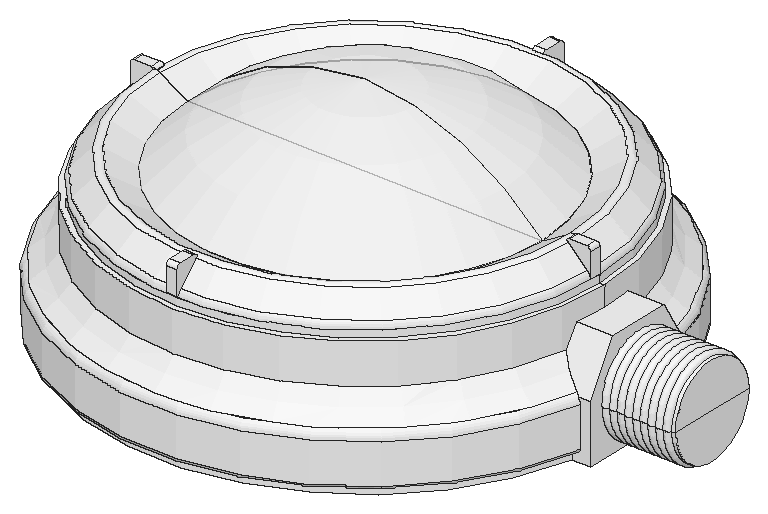
Revit family "BTWASP", category Communication Devices, host Face, Revit 2021
Family settings
  Host = Face
  Maintain Annotation Orientation = No
  Round Connector Dimension = Use Diameter
  Part Type = Normal
  OmniClass Number = 23.85.80.11.27
  OmniClass Title = Lighting Controls
  Cut with Voids When Loaded = No
  Shared = Yes
  Room Calculation Point = No
Parameters (values of type "BTWASP")
  Width = 4.00"
  Warranty = "5-Years Warranty"  # constant formula
  Type Comments = "Occupancy/ Vacancy Sensors and Controllers"  # constant formula
  Product Page URL = ""
  URL = "https://www.currentlighting.com/nxlightingcontrols"
  Power Requirements = "Line Voltage sensors: 120/277/347VAC, 60 Hz\r"  # constant formula
  Model = "BTWASP"  # constant formula
  Manufacturer = " NX Lighting Controls"  # constant formula
  Sensing Element = Glass -  White
  Features = "Wireless programming using HCS Control Bluetooth app\r\n• ON/OFF and 0-10V dimming control\r\n• Single/Dual motion sensor timer modes\r\n• Multiple daylight harvesting modes for indoor and outdoor applications\r\n• Interchangeable high/low area detection lens options\r\n• Low voltage and line voltage models available\r\n• Daylight sensor for daylight harvesting applications\r\n• Low temperature/water-tight/indoor-outdoor versions"  # constant formula
  Description = "BLUETOOTH® WASP SENSOR OCCUPANCY/VACANCY SENSORS AND CONTROLLERS"  # constant formula
  Default Elevation = 48.00"
  Coverage = "360°, 180°, Aisle, Half Aisle"  # constant formula
  Copyright = "Copyright ©  NX Lighting Controls"  # constant formula
  Contact Us = ""
  Housing Material = Paint - Matte White
  Certifications = "Conforms with UL STD 508, UL STD 244A\r\n• LWO version conforms to IP65"
  Assembly Code = "D5090"
Reference planes (in)
  plane 1 "Center (Front/Back)": y = 10.63342
  plane 2: z = 0
  plane 3 "Center (Left/Right)": x = 0
  plane 4: x = -2
  plane 5: x = 2
  plane 6: y = 12.63342
  plane 7: y = 8.63342
  plane 8: through (0.87749, -180, 1.95871) normal (0.7071, 0, 0.7071)
  plane 9: z = 1.5
Forms (in)
  Revolve 1, solid, material "Paint - Matte White" <- "Housing Material"
    sketch origin (0, 10.63342, 0) x (1, 0, 0) y (0, 0, 1)
      loop
        line (0, 0) -> (1.93821, 0) -> (1.93821, 0.06683) -> (1.97955, 0.06683)
        arc (1.97955, 0.06683) -> (1.99401, 0.07282) -> (2, 0.08728) r 0.02045
        line (2, 0.08728) -> (2, 0.38388)
        arc (2, 0.38388) -> (1.99014, 0.42292) -> (1.96293, 0.4526) r 0.08223
        arc (1.96293, 0.4526) -> (1.8637, 0.53245) -> (1.78157, 0.6298) r 0.66286
        line (1.78157, 0.6298) -> (1.78157, 0.92962) -> (0, 0.92962) -> (0, 0)
      axis (0, 0.92962) -> (0, 0)
    angle from 0 to 360
  Revolve 2, solid, material "Paint - Matte White" <- "Housing Material"
    sketch origin (0, 10.63342, 0) x (1, 0, 0) y (0, 0, 1)
      loop
        line (0, 0.92962) -> (1.74219, 0.92962) -> (1.74219, 0.98265)
        arc (1.74219, 0.98265) -> (1.73675, 1.01) -> (1.72125, 1.03319) r 0.07147
        line (1.72125, 1.03319) -> (1.5804, 1.17404)
        arc (1.5804, 1.17404) -> (1.55312, 1.1875) -> (1.52328, 1.18156) r 0.04732
        line (1.52328, 1.18156) -> (1.31627, 1.06204) -> (0, 1.06204) -> (0, 0.92962)
      axis (0, 1.18156) -> (0, 0.92962)
    angle from 0 to 360
  Revolve 3, solid, material "Glass -  White" <- "Sensing Element"
    sketch origin (0, 10.63342, 0) x (1, 0, 0) y (0, 0, 1)
      loop
        line (0, 1.05919) -> (1.31627, 1.05919)
        arc (1.31627, 1.05919) -> (0.72014, 1.49838) -> (0, 1.67058) r 1.86237
        line (0, 1.67058) -> (0, 1.05919)
      axis (0, 1.67058) -> (0, 1.05919)
    angle from 0 to 360
  Extrusion 4, solid, material "Paint - Matte White" <- "Housing Material"
    sketch origin (0, 10.63342, 0) x (1, 0, 0) y (0, 0, 1)
      loop
        arc (1.74157, 1.16813) -> (1.73241, 1.19025) -> (1.71028, 1.19941) r 0.03129
        line (1.71028, 1.19941) -> (1.5858, 1.19941)
        arc (1.5858, 1.19941) -> (1.56688, 1.19348) -> (1.55474, 1.17781) r 0.03314
        line (1.55474, 1.17781) -> (1.74157, 0.99097) -> (1.74157, 1.16813)
    from 0.08 to 0
  Extrusion 5, solid, material "Paint - Matte White" <- "Housing Material"
    sketch origin (0, 10.63342, 0) x (0, -1, 0) y (0, 0, 1)
      loop
        arc (1.74157, 1.16813) -> (1.73241, 1.19025) -> (1.71028, 1.19941) r 0.03129
        line (1.71028, 1.19941) -> (1.5858, 1.19941)
        arc (1.5858, 1.19941) -> (1.56688, 1.19348) -> (1.55474, 1.17781) r 0.03314
        line (1.55474, 1.17781) -> (1.74157, 0.99097) -> (1.74157, 1.16813)
    from 0.08 to 0
  Extrusion 6, solid, material "Paint - Matte White" <- "Housing Material"
    sketch origin (0, 10.63342, 0) x (-1, 0, 0) y (0, 0, 1)
      loop
        arc (1.74157, 1.16813) -> (1.73241, 1.19025) -> (1.71028, 1.19941) r 0.03129
        line (1.71028, 1.19941) -> (1.5858, 1.19941)
        arc (1.5858, 1.19941) -> (1.56688, 1.19348) -> (1.55474, 1.17781) r 0.03314
        line (1.55474, 1.17781) -> (1.74157, 0.99097) -> (1.74157, 1.16813)
    from 0.08 to 0
  Extrusion 7, solid, material "Paint - Matte White" <- "Housing Material"
    sketch origin (0, 10.63342, 0) x (0, 1, 0) y (0, 0, 1)
      loop
        arc (1.74157, 1.16813) -> (1.73241, 1.19025) -> (1.71028, 1.19941) r 0.03129
        line (1.71028, 1.19941) -> (1.5858, 1.19941)
        arc (1.5858, 1.19941) -> (1.56688, 1.19348) -> (1.55474, 1.17781) r 0.03314
        line (1.55474, 1.17781) -> (1.74157, 0.99097) -> (1.74157, 1.16813)
    from 0.08 to 0
  Revolve 8, solid, material "Paint - Matte White" <- "Housing Material"
    sketch origin (0, 0, 0.3715) x (1, 0, 0) y (0, 1, 0)
      loop
        line (1.87711, 10.63342) -> (2.57516, 10.63342) -> (2.57516, 10.97085) -> (2.54324, 10.97085)
        arc (2.54324, 10.97085) -> (2.51484, 10.99281) -> (2.48643, 10.97085) r 0.02935
        arc (2.48643, 10.97085) -> (2.45802, 10.99281) -> (2.42962, 10.97085) r 0.02935
        arc (2.42962, 10.97085) -> (2.40121, 10.99281) -> (2.3728, 10.97085) r 0.02935
        arc (2.3728, 10.97085) -> (2.34439, 10.99281) -> (2.31599, 10.97085) r 0.02935
        arc (2.31599, 10.97085) -> (2.28758, 10.99281) -> (2.25917, 10.97085) r 0.02935
        arc (2.25917, 10.97085) -> (2.23076, 10.99281) -> (2.20236, 10.97085) r 0.02935
        arc (2.20236, 10.97085) -> (2.17395, 10.99281) -> (2.14554, 10.97085) r 0.02935
        arc (2.14554, 10.97085) -> (2.11714, 10.99281) -> (2.08873, 10.97085) r 0.02935
        arc (2.08873, 10.97085) -> (2.06032, 10.99281) -> (2.03191, 10.97085) r 0.02935
        line (2.03191, 10.97085) -> (1.87711, 10.97085) -> (1.87711, 10.63342)
      axis (1.87711, 10.63342) -> (2.57516, 10.63342)
    angle from 0 to 360
  Extrusion 9, solid, material "Paint - Matte White" <- "Housing Material"
    sketch origin (0, 0, 0) x (0, 1, 0) y (0, 0, 1)
      loop
        line (10.19107, 0) -> (11.06955, 0) -> (11.06955, 0.43127) -> (10.8661, 0.78366) -> (10.39452, 0.78366) -> (10.19107, 0.43127) -> (10.19107, 0)
    from 2.03191 to 1.74157
Cuts and joins
  joined: Revolve 1, Revolve 8, Extrusion 9
Dimensions and locks (in)
  "Width": plane 4 to plane 5
  "Width": plane 7 to plane 6
  equal spacing: plane 4, plane 3 "Center (Left/Right)", plane 5
  equal spacing: plane 7, plane 1 "Center (Front/Back)", plane 6
  plane 9 to plane 2 = 1.50"
  plane 4 to plane 5 = 4.00"
  aligned and locked: plane 2 to host face
  aligned and locked: level to host face
Automatic sketch dimensions
  host sketch curve to host sketch curve = 96.00"  (x2)
  Revolve 1 sketch curve to plane 3 "Center (Left/Right)" = 0.00"  (x2)
  Revolve 1 sketch curve to level = 0.00"
  Revolve 1 sketch curve to plane 5 = 0.00"
  Revolve 1 sketch curve to plane 5 = 0.21843"
  Revolve 1 sketch curve to plane 5 = 0.08223"
  Revolve 1 sketch curve to plane 5 = 0.06179"
  Revolve 1 sketch curve to plane 5 = 0.02045"
  plane 5 to Revolve 1 sketch curve = 0.32694"
  level to Revolve 1 sketch curve = 0.06683"
  Revolve 1 sketch curve to Revolve 1 sketch curve = 0.2966"
  Revolve 1 sketch curve to Revolve 1 sketch curve = 0.24592"
  plane 9 to Revolve 1 sketch curve = 0.57038"
  plane 9 to Revolve 1 sketch curve = 0.49344"
  Revolve 1 sketch curve to Revolve 1 sketch curve = 1.25"
  Revolve 1 sketch curve to plane 9 = 2.25"
  Revolve 2 sketch curve to plane 3 "Center (Left/Right)" = 0.00"  (x2)
  Revolve 2 sketch curve to plane 5 = 0.68373"
  Revolve 2 sketch curve to Revolve 2 sketch curve = 0.20701"
  Revolve 2 sketch curve to Revolve 2 sketch curve = 0.02366"
  Revolve 2 sketch curve to Revolve 2 sketch curve = 0.03346"  (x2)
  Revolve 2 sketch curve to Revolve 2 sketch curve = 0.12378"
  Revolve 2 sketch curve to Revolve 2 sketch curve = 0.05054"
  Revolve 2 sketch curve to Revolve 2 sketch curve = 0.07147"
  plane 9 to Revolve 2 sketch curve = 0.57038"
  Revolve 2 sketch curve to Revolve 2 sketch curve = 0.05302"
  Revolve 2 sketch curve to Revolve 2 sketch curve = 0.13242"
  Revolve 2 sketch curve to Revolve 2 sketch curve = 0.15794"
  Revolve 2 sketch curve to level = 0.4412"
  Revolve 2 sketch curve to plane 9 = 0.66233"
  Revolve 3 sketch curve to plane 3 "Center (Left/Right)" = 0.00"  (x2)
  Revolve 3 sketch curve to plane 3 "Center (Left/Right)" = 0.0644"
  plane 9 to Revolve 3 sketch curve = 0.44081"
  Revolve 3 sketch curve to plane 5 = 0.68373"
  Revolve 3 sketch curve to level = 0.19068"
  Revolve 3 sketch curve to Revolve 3 sketch curve = 0.2765"
  Revolve 3 sketch curve to Revolve 3 sketch curve = 0.11212"
  Extrusion 4 sketch curve to plane 5 = 0.44526"
  Extrusion 4 sketch curve to Extrusion 4 sketch curve = 0.03107"
  Extrusion 4 sketch curve to Extrusion 4 sketch curve = 0.12448"
  Extrusion 4 sketch curve to Extrusion 4 sketch curve = 0.03129"
  plane 9 to Extrusion 4 sketch curve = 0.50903"
  Extrusion 4 sketch curve to Extrusion 4 sketch curve = 0.1753"
  Extrusion 4 sketch curve to Extrusion 4 sketch curve = 0.00185"
  Extrusion 5 sketch curve to plane 7 = 0.44526"
  Extrusion 5 sketch curve to Extrusion 5 sketch curve = 0.03107"
  Extrusion 5 sketch curve to Extrusion 5 sketch curve = 0.12448"
  Extrusion 5 sketch curve to Extrusion 5 sketch curve = 0.03129"
  plane 9 to Extrusion 5 sketch curve = 0.50903"
  Extrusion 5 sketch curve to Extrusion 5 sketch curve = 0.1753"
  Extrusion 5 sketch curve to Extrusion 5 sketch curve = 0.00185"
  plane 4 to Extrusion 6 sketch curve = 0.44526"
  Extrusion 6 sketch curve to Extrusion 6 sketch curve = 0.03107"
  Extrusion 6 sketch curve to Extrusion 6 sketch curve = 0.12448"
  Extrusion 6 sketch curve to Extrusion 6 sketch curve = 0.03129"
  plane 9 to Extrusion 6 sketch curve = 0.50903"
  Extrusion 6 sketch curve to Extrusion 6 sketch curve = 0.1753"
  Extrusion 6 sketch curve to Extrusion 6 sketch curve = 0.00185"
  plane 6 to Extrusion 7 sketch curve = 0.44526"
  Extrusion 7 sketch curve to Extrusion 7 sketch curve = 0.03107"
  Extrusion 7 sketch curve to Extrusion 7 sketch curve = 0.12448"
  Extrusion 7 sketch curve to Extrusion 7 sketch curve = 0.03129"
  plane 9 to Extrusion 7 sketch curve = 0.50903"
  Extrusion 7 sketch curve to Extrusion 7 sketch curve = 0.1753"
  Extrusion 7 sketch curve to Extrusion 7 sketch curve = 0.00185"
  plane 1 "Center (Front/Back)" to Revolve 8 sketch curve = 0.00"  (x2)
  Revolve 8 sketch curve to plane 5 = 0.12289"
  plane 5 to Revolve 8 sketch curve = 0.03191"
  Revolve 8 sketch curve to Revolve 8 sketch curve = 0.02841"  (x9)
  Revolve 8 sketch curve to Revolve 8 sketch curve = 0.05681"  (x8)
  Revolve 8 sketch curve to Revolve 8 sketch curve = 0.03191"
  Revolve 8 sketch curve to plane 1 "Center (Front/Back)" = 0.33004"  (x2)
  Revolve 8 sketch curve to Revolve 8 sketch curve = 0.00"  (x7)
  Revolve 8 sketch curve to Revolve 8 sketch curve = 0.00738"  (x2)
  Revolve 8 sketch curve to Revolve 8 sketch curve = 0.0611"
  Revolve 8 sketch curve to Revolve 8 sketch curve = 1.36305"
  Extrusion 9 sketch curve to level = 0.00"
  plane 1 "Center (Front/Back)" to Extrusion 9 sketch curve = 0.44235"
  plane 1 "Center (Front/Back)" to Extrusion 9 sketch curve = 0.2389"
  Extrusion 9 sketch curve to plane 1 "Center (Front/Back)" = 0.23268"
  Extrusion 9 sketch curve to plane 1 "Center (Front/Back)" = 0.43613"
  Extrusion 9 sketch curve to Extrusion 9 sketch curve = 0.43127"
  level to Extrusion 9 sketch curve = 0.43127"
  Extrusion 9 sketch curve to Extrusion 9 sketch curve = 0.3524"
Connectors (in)
  electrical at (0, 10.63342, 0)
    settings: on Revolve 1, index 1, voltage 0 V, apparent load 0 VA, apparent load phase1 0 VA, apparent load phase2 0 VA, apparent load phase3 0 VA, power factor 1, load classification "Other", number of poles 1, system type 13, power factor state 1, is connector primary yes, connector utility no, sub classification motor no, connector description "OCCUPANCY/VACANCY SENSORS AND CONTROLLERS"
